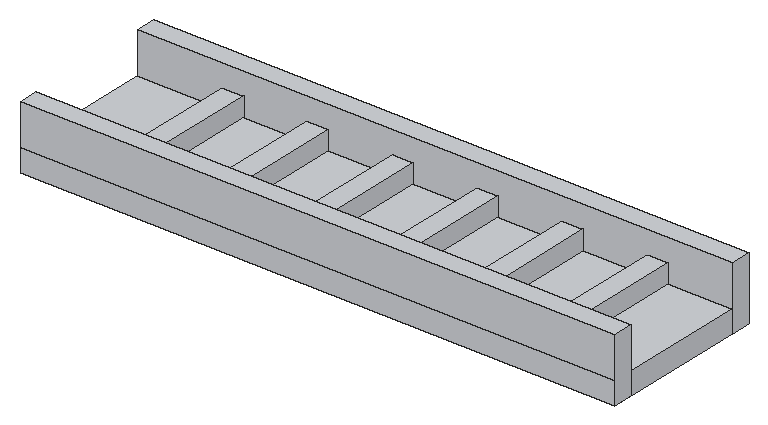
Revit family "GIS_CableTray", category Modelos genéricos, Revit 2027
Family settings
  Pode hospedar o vergalhão = Não
  Cota do conector redondo = Utilizar diâmetro
  Tipo de parte = Normal
  Com base no plano de trabalho = Não
  Sempre na vertical = Sim
  Corte com vazios quando carregada = Não
  Manter orientação da anotação = Não
  Compartilhado = Não
  Ponto de cálculo do ambiente = Não
Parameters (values of type "CABLE_TRAY_STUDY")
  Elevação padrão = 0 mm
  BIM_TensaoSecundaria_kV = 0
  BIM_TensaoNominal_kV = 0
  BIM_TensaoClasse_kV = 0
  BIM_TensaoClasseSecundaria_kV = 0
  BIM_TensaoAuxiliarCA_kV = 0
  BIM_Sistema_Elemento [instance] = ""
  BIM_ReferenciaCatalogo = "Portfolio estimate; cable schedule and support spacing pending"
  BIM_Profundidade = 420 mm
  BIM_Potencia_MVA = 0
  BIM_Localizacao [instance] = ""
  BIM_Largura = 1500 mm
  BIM_Impedancia_pu = 0
  BIM_FonteGeometria = "Portfolio estimate; cable schedule and support spacing pending"
  BIM_Fabricante = "NAO SELECIONADO"
  BIM_EstadoGeometria = "ESTIMATED"
  BIM_EstadoEspecificacao = "PREMISSA / NAO SELECIONADO"
  BIM_DescricaoEstudo = "Trecho indicativo de leito de cabos, sem dimensionamento de ocupacao."
  BIM_CorrenteReferenciaSecundaria_A = 0
  BIM_CorrenteNominal_A = 0
  BIM_Bay [instance] = ""
  BIM_AlturaCorpoPrincipal = 56 mm
  BIM_Altura = 160 mm
Reference planes
  plane 1 "Centro (Frente/Trás)": y = 0
  plane 2: z = 0
  plane 3 "Centro (Esquerda/Direita)": x = 0
  plane 4 "BIM Left": x = -750
  plane 5 "BIM Right": x = 750
  plane 6 "BIM Front": y = -210
  plane 7 "BIM Back": y = 210
Forms (mm)
  Extrusion 1, solid
    sketch origin (0, 0, 0) x (1, 0, 0) y (0, 1, 0)
      loop
        line (-750, -210) -> (750, -210) -> (750, 210) -> (-750, 210) -> (-750, -210)
    from 0 to 56 <- "BIM_AlturaCorpoPrincipal"
  Extrusion 2, solid
    sketch origin (0, 0, 0) x (1, 0, 0) y (0, 1, 0)
      loop
        line (-750, -210) -> (750, -210) -> (750, -159.6) -> (-750, -159.6) -> (-750, -210)
    from 0 to 160
  Extrusion 3, solid
    sketch origin (0, 0, 0) x (1, 0, 0) y (0, 1, 0)
      loop
        line (-750, 159.6) -> (750, 159.6) -> (750, 210) -> (-750, 210) -> (-750, 159.6)
    from 0 to 160
  Extrusion 4, solid
    sketch origin (0, 0, 56) x (1, 0, 0) y (0, 1, 0)
      loop
        line (-535.714, -159.6) -> (-483.214, -159.6) -> (-483.214, 159.6) -> (-535.714, 159.6) -> (-535.714, -159.6)
    from 0 to 48
  Extrusion 5, solid
    sketch origin (0, 0, 56) x (1, 0, 0) y (0, 1, 0)
      loop
        line (-321.429, -159.6) -> (-268.929, -159.6) -> (-268.929, 159.6) -> (-321.429, 159.6) -> (-321.429, -159.6)
    from 0 to 48
  Extrusion 6, solid
    sketch origin (0, 0, 56) x (1, 0, 0) y (0, 1, 0)
      loop
        line (-107.143, -159.6) -> (-54.643, -159.6) -> (-54.643, 159.6) -> (-107.143, 159.6) -> (-107.143, -159.6)
    from 0 to 48
  Extrusion 7, solid
    sketch origin (0, 0, 56) x (1, 0, 0) y (0, 1, 0)
      loop
        line (107.143, -159.6) -> (159.643, -159.6) -> (159.643, 159.6) -> (107.143, 159.6) -> (107.143, -159.6)
    from 0 to 48
  Extrusion 8, solid
    sketch origin (0, 0, 56) x (1, 0, 0) y (0, 1, 0)
      loop
        line (321.429, -159.6) -> (373.929, -159.6) -> (373.929, 159.6) -> (321.429, 159.6) -> (321.429, -159.6)
    from 0 to 48
  Extrusion 9, solid
    sketch origin (0, 0, 56) x (1, 0, 0) y (0, 1, 0)
      loop
        line (535.714, -159.6) -> (588.214, -159.6) -> (588.214, 159.6) -> (535.714, 159.6) -> (535.714, -159.6)
    from 0 to 48
Dimensions and locks
  "BIM_Largura": plane 4 "BIM Left" to plane 5 "BIM Right"
  "BIM_Profundidade": plane 6 "BIM Front" to plane 7 "BIM Back"
  aligned and locked: level to plane 2
  aligned and locked: plane 4 "BIM Left" to Extrusion 1
  aligned and locked: Extrusion 1 to plane 5 "BIM Right"
  aligned and locked: Extrusion 1 to plane 6 "BIM Front"
  aligned and locked: plane 7 "BIM Back" to Extrusion 1
Automatic sketch dimensions
  Extrusion 1 sketch curve to plane 4 "BIM Left" = 0 mm
  Extrusion 1 sketch curve to plane 5 "BIM Right" = 0 mm
  Extrusion 1 sketch curve to plane 6 "BIM Front" = 0 mm
  Extrusion 1 sketch curve to plane 7 "BIM Back" = 0 mm
  Extrusion 2 sketch curve to plane 4 "BIM Left" = 0 mm
  Extrusion 2 sketch curve to plane 5 "BIM Right" = 0 mm
  Extrusion 2 sketch curve to plane 6 "BIM Front" = 0 mm
  plane 6 "BIM Front" to Extrusion 2 sketch curve = 50.4 mm
  Extrusion 3 sketch curve to plane 4 "BIM Left" = 0 mm
  Extrusion 3 sketch curve to plane 5 "BIM Right" = 0 mm
  Extrusion 3 sketch curve to plane 7 "BIM Back" = 0 mm
  Extrusion 3 sketch curve to plane 7 "BIM Back" = 50.4 mm
  plane 6 "BIM Front" to Extrusion 4 sketch curve = 50.4 mm
  Extrusion 4 sketch curve to plane 4 "BIM Left" = 214.286 mm
  Extrusion 4 sketch curve to Extrusion 4 sketch curve = 52.5 mm
  Extrusion 4 sketch curve to plane 7 "BIM Back" = 50.4 mm
  plane 6 "BIM Front" to Extrusion 5 sketch curve = 50.4 mm
  Extrusion 5 sketch curve to plane 3 "Centro (Esquerda/Direita)" = 321.429 mm
  Extrusion 5 sketch curve to Extrusion 5 sketch curve = 52.5 mm
  Extrusion 5 sketch curve to plane 7 "BIM Back" = 50.4 mm
  plane 6 "BIM Front" to Extrusion 6 sketch curve = 50.4 mm
  Extrusion 6 sketch curve to plane 3 "Centro (Esquerda/Direita)" = 107.143 mm
  Extrusion 6 sketch curve to Extrusion 6 sketch curve = 52.5 mm
  Extrusion 6 sketch curve to plane 7 "BIM Back" = 50.4 mm
  plane 6 "BIM Front" to Extrusion 7 sketch curve = 50.4 mm
  plane 3 "Centro (Esquerda/Direita)" to Extrusion 7 sketch curve = 107.143 mm
  Extrusion 7 sketch curve to Extrusion 7 sketch curve = 52.5 mm
  Extrusion 7 sketch curve to plane 7 "BIM Back" = 50.4 mm
  plane 6 "BIM Front" to Extrusion 8 sketch curve = 50.4 mm
  plane 3 "Centro (Esquerda/Direita)" to Extrusion 8 sketch curve = 321.429 mm
  Extrusion 8 sketch curve to Extrusion 8 sketch curve = 52.5 mm
  Extrusion 8 sketch curve to plane 7 "BIM Back" = 50.4 mm
  plane 6 "BIM Front" to Extrusion 9 sketch curve = 50.4 mm
  plane 5 "BIM Right" to Extrusion 9 sketch curve = 214.286 mm
  Extrusion 9 sketch curve to Extrusion 9 sketch curve = 52.5 mm
  Extrusion 9 sketch curve to plane 7 "BIM Back" = 50.4 mm
